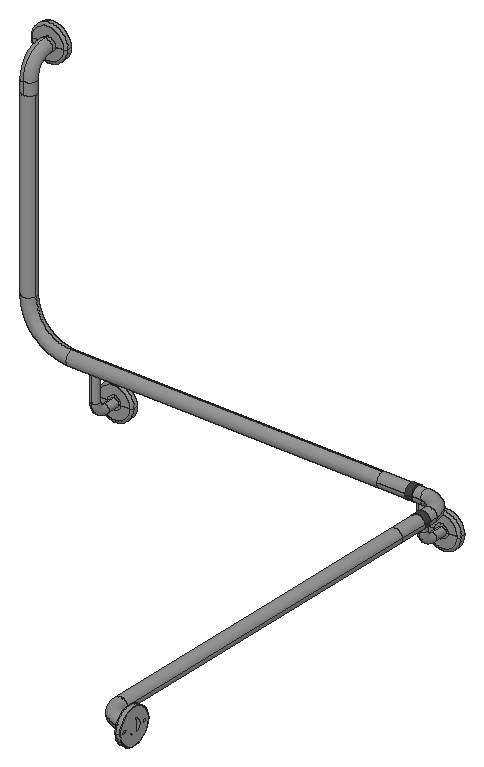
Revit family "RBA4091-113", category Plumbing Fixtures, Revit 2021
Family settings
  Round Connector Dimension = Use Diameter
  Part Type = Normal
  Work Plane-Based = No
  Always vertical = Yes
  Cut with Voids When Loaded = No
  Shared = No
  Room Calculation Point = No
Parameters (values of type "RBA4091-113")
  Watermarked By = "www.rba.com.au"
  URL = "www.rba.com.au"
  R_Void [instance] = 15.00 mm
  R [instance] = 0.00 mm
  Phone Number = ""
  Modified Issue = "20190108.01"
  Model = "RBA4091-113"
  Materials and Finishes = Stainless Steel, Satin Finish
  Manufacturer Model = ""
  Manufacturer = "RBA Group"
  Description = "Modular 90° Wraparound Grab Rail, Right Hand"
  Default Elevation = 0.00 mm
  Copyright by = "RBA Group"  # constant formula
  Assembly Code = ""
Reference planes
  plane 1 "Center (Front/Back)": y = 0
  plane 2: z = 0
  plane 3: z = -100
  plane 4: z = -100
  plane 5: x = -754.5
  plane 6: z = 600
  plane 7: z = 16
  plane 8: z = -16
  plane 9: y = -71
  plane 10: y = -87
  plane 11: y = -55
  plane 12: y = -80.5
  plane 13: y = -61.5
  plane 14: z = 570
  plane 15: z = 630
  plane 16: x = -1834.5
  plane 17: x = -1774.5
  plane 18: z = -130
  plane 19: z = -70
  plane 20: x = -851.5
  plane 21: x = -911.5
  plane 22: x = -825.5
  plane 23: x = -809.5
  plane 24: x = -841.5
  plane 25: z = -30
  plane 26: z = 30
  plane 27: y = -1105
  plane 28: y = -1045
  plane 29: x = -1804.5
  plane 30: z = -130
  plane 31: z = -70
  plane 32: x = -1619.5
  plane 33: x = -1679.5
  plane 34: x = -1788.5
  plane 35: x = -901.2
  plane 36: y = -1075
  plane 37: y = -146.7
Forms (mm)
  Extrusion 1, solid, material "Stainless Steel, Satin Finish" <- "Materials and Finishes"
    sketch origin (-1804.5, -2.628, 915.907) x (0, 0, -1) y (-1, 0, 0)
      loop
        circle (315.907, 0) r 40
    from -0.219 to 2.628
  Extrusion 2, void
    sketch origin (-1804.5, 34.941, 915.907) x (0, 0, -1) y (-1, 0, 0)
      loop
        circle (315.907, 30) r 5
      loop
        circle (315.907, -30) r 5
    from -37.788 to -30
  Extrusion 3, solid, material "Stainless Steel, Satin Finish" <- "Materials and Finishes"
    sketch origin (-1804.5, -2.628, 915.907) x (0, 0, -1) y (-1, 0, 0)
      loop
        circle (315.907, 0) r 40
    from -0.219 to 2.628
  Extrusion 4, solid, material "Stainless Steel, Satin Finish" <- "Materials and Finishes"
    sketch origin (-1804.5, -2.628, 915.907) x (0, 0, -1) y (-1, 0, 0)
      loop
        circle (315.907, 0) r 40
    from -0.219 to 2.628
  Sweep 5, solid, material "Stainless Steel, Satin Finish" <- "Materials and Finishes"
    path origin (-1104.5, 12.454, 600) x (0, -1, 0) y (0, 0, 1)
      loop
        line (12.454, 0) -> (35.454, 0)
        arc (35.454, 0) -> (69.395, -14.059) -> (83.454, -48) r 48
        line (83.454, -48) -> (83.454, -76)
    profile origin (-1104.5, -11.5, 600) x (0, 0, 1) y (-1, 0, 0)
      loop
        circle (0, 700) r 16
  Revolve 6, solid, material "Stainless Steel, Satin Finish" <- "Materials and Finishes"
    sketch origin (-1804.5, 18.663, 600) x (0, -1, 0) y (1, 0, 0)
      loop
        line (18.663, 0) -> (33.326, 0) -> (33.326, 16) -> (32.842, 36.617)
        arc (32.842, 36.617) -> (31.337, 40.077) -> (27.844, 41.5) r 5
        line (27.844, 41.5) -> (18.663, 41.5) -> (18.663, 0)
      axis (18.663, 0) -> (33.326, 0)
    angle from 0 to 360
  Extrusion 7, solid, material "Stainless Steel, Satin Finish" <- "Materials and Finishes"
    sketch origin (-881.5, -2.628, 215.907) x (0, 0, -1) y (-1, 0, 0)
      loop
        circle (315.907, 0) r 40
    from -0.219 to 2.628
  Revolve 8, solid, material "Stainless Steel, Satin Finish" <- "Materials and Finishes"
    sketch origin (-881.5, 18.663, -100) x (0, -1, 0) y (1, 0, 0)
      loop
        line (18.663, 0) -> (18.663, -41.5) -> (27.844, -41.5)
        arc (27.844, -41.5) -> (31.337, -40.077) -> (32.842, -36.617) r 5
        line (32.842, -36.617) -> (33.326, -16) -> (33.326, 0) -> (18.663, 0)
      axis (18.663, 0) -> (33.326, 0)
    angle from 0 to 360
  Sweep 9, solid, material "Stainless Steel, Satin Finish" <- "Materials and Finishes"
    path origin (-881.5, 12.454, -100) x (0, -1, 0) y (0, 0, -1)
      loop
        line (12.454, 0) -> (55.454, 0)
        arc (55.454, 0) -> (75.253, -8.201) -> (83.454, -28) r 28
        line (83.454, -28) -> (83.454, -100)
    profile origin (-881.5, -21.5, -100) x (0, 0, -1) y (1, 0, 0)
      loop
        circle (0, 0) r 9.5
  Extrusion 10, void
    sketch origin (-881.5, 34.941, 215.907) x (0, 0, -1) y (-1, 0, 0)
      loop
        circle (315.907, -30) r 5
      loop
        circle (315.907, 30) r 5
    from -37.788 to -30
  Revolve 11, solid, material "Stainless Steel, Satin Finish" <- "Materials and Finishes"
    sketch origin (-735.837, -1075, 0) x (-1, 0, 0) y (0, -1, 0)
      loop
        line (18.663, 0) -> (18.663, -41.5) -> (27.844, -41.5)
        arc (27.844, -41.5) -> (31.337, -40.077) -> (32.842, -36.617) r 5
        line (32.842, -36.617) -> (33.326, -16) -> (33.326, 0) -> (18.663, 0)
      axis (18.663, 0) -> (33.326, 0)
    angle from 0 to 360
  Sweep 12, solid, material "Stainless Steel, Satin Finish" <- "Materials and Finishes"
    path origin (-742.046, -1075, 0) x (-1, 0, 0) y (0, -1, 0)
      loop
        line (12.454, 0) -> (35.454, 0)
        arc (35.454, 0) -> (69.395, -14.059) -> (83.454, -48) r 48
        line (83.454, -48) -> (83.454, -854)
    profile origin (-766, -1075, 0) x (0, -1, 0) y (0, 0, 1)
      loop
        circle (0, 0) r 16
  Extrusion 13, solid, material "Stainless Steel, Satin Finish" <- "Materials and Finishes"
    sketch origin (-757.128, -1075, 315.907) x (0, 0, -1) y (0, 1, 0)
      loop
        circle (315.907, 0) r 40
    from -0.219 to 2.628
  Extrusion 14, void
    sketch origin (-719.559, -1075, 315.907) x (0, 0, -1) y (0, 1, 0)
      loop
        circle (315.907, -30) r 5
      loop
        circle (315.907, 30) r 5
    from -37.788 to -34.941
  Extrusion 15, solid, material "Stainless Steel, Satin Finish" <- "Materials and Finishes"
    sketch origin (-757.128, -1075, 315.907) x (0, 0, -1) y (0, 1, 0)
      loop
        circle (315.907, 0) r 40
    from -0.219 to 2.628
  Sweep 16, solid, material "Stainless Steel, Satin Finish" <- "Materials and Finishes"
    path origin (-1509, 0, 0) x (-1, 0, 0) y (0, 0, -1)
      loop
        line (295.5, -524) -> (295.5, -100)
        arc (295.5, -100) -> (266.211, -29.289) -> (195.5, 0) r 100
        line (195.5, 0) -> (-533.5, 0)
    profile origin (-1804.5, 0, 312) x (0, -1, 0) y (1, 0, 0)
      loop
        circle (71, 0) r 16
  Sweep 17, solid, material "Stainless Steel, Satin Finish" <- "Materials and Finishes"
    path origin (-1509, 0, 0) x (-1, 0, 0) y (0, -1, 0)
      loop
        line (-683.5, 221) -> (-683.5, 119)
        arc (-683.5, 119) -> (-669.441, 85.059) -> (-635.5, 71) r 48
        line (-635.5, 71) -> (-533.5, 71)
    profile origin (-839.559, -85.059, 0) x (-0.707107, -0.707107, 0) y (0, 0, 1)
      loop
        circle (0, 0) r 16
  Revolve 18, solid, material "Stainless Steel, Black"
    sketch origin (-1505.837, 0, 0) x (-1, 0, 0) y (0, -1, 0)
      loop
        line (-612.137, 54) -> (-597.137, 54) -> (-597.137, 71) -> (-612.137, 71) -> (-612.137, 54)
      axis (-612.137, 71) -> (-597.137, 71)
    angle from 0 to 360
  Revolve 19, solid, material "Stainless Steel, Black"
    sketch origin (-754.5, 457.937, 0) x (0, 1, 0) y (-1, 0, 0)
      loop
        line (-612.137, 54) -> (-597.137, 54) -> (-597.137, 71) -> (-612.137, 71) -> (-612.137, 54)
      axis (-612.137, 71) -> (-597.137, 71)
    angle from 0 to 360
  Extrusion 20, solid, material "Stainless Steel, Satin Finish" <- "Materials and Finishes"
    sketch origin (-1649.5, -2.628, 215.907) x (0, 0, -1) y (-1, 0, 0)
      loop
        circle (315.907, 0) r 40
    from -0.219 to 2.628
  Revolve 21, solid, material "Stainless Steel, Satin Finish" <- "Materials and Finishes"
    sketch origin (-1649.5, 18.663, -100) x (0, -1, 0) y (1, 0, 0)
      loop
        line (18.663, 0) -> (18.663, -41.5) -> (27.844, -41.5)
        arc (27.844, -41.5) -> (31.337, -40.077) -> (32.842, -36.617) r 5
        line (32.842, -36.617) -> (33.326, -16) -> (33.326, 0) -> (18.663, 0)
      axis (18.663, 0) -> (33.326, 0)
    angle from 0 to 360
  Sweep 22, solid, material "Stainless Steel, Satin Finish" <- "Materials and Finishes"
    path origin (-1649.5, 12.454, -100) x (0, -1, 0) y (0, 0, -1)
      loop
        line (12.454, 0) -> (55.454, 0)
        arc (55.454, 0) -> (75.253, -8.201) -> (83.454, -28) r 28
        line (83.454, -28) -> (83.454, -100)
    profile origin (-1649.5, -21.5, -100) x (0, 0, -1) y (1, 0, 0)
      loop
        circle (0, 0) r 9.5
  Extrusion 23, void
    sketch origin (-1649.5, 34.941, 215.907) x (0, 0, -1) y (-1, 0, 0)
      loop
        circle (315.907, -30) r 5
      loop
        circle (315.907, 30) r 5
    from -37.788 to -30
Cuts and joins
  Extrusion 2 cuts Extrusion 1
  Extrusion 2 cuts Extrusion 3
  Extrusion 2 cuts Extrusion 4
  Extrusion 2 cuts Revolve 6
  Extrusion 10 cuts Extrusion 7
  Extrusion 14 cuts Revolve 11
  Extrusion 14 cuts Extrusion 13
  Extrusion 14 cuts Extrusion 15
  Extrusion 23 cuts Extrusion 20
  Extrusion 10 cuts Revolve 8
  Extrusion 23 cuts Revolve 21
  joined: Sweep 5, Revolve 8, Sweep 9, Sweep 12, Sweep 16, Sweep 17, Revolve 21, Sweep 22
Dimensions and locks
  plane 15 to plane 14 = 60.00 mm
  plane 16 to plane 17 = 60.00 mm
  Revolve 6 sketch curve to Revolve 6 sketch curve = 41.50 mm
  Revolve 8 sketch curve to Revolve 8 sketch curve = 41.50 mm
  plane 19 to plane 18 = 60.00 mm
  plane 21 to plane 20 = 60.00 mm
  Revolve 11 sketch curve to Revolve 11 sketch curve = 41.50 mm
  plane 26 to plane 25 = 60.00 mm
  plane 28 to plane 27 = 60.00 mm
  Revolve 21 sketch curve to Revolve 21 sketch curve = 41.50 mm
  plane 31 to plane 30 = 60.00 mm
  plane 33 to plane 32 = 60.00 mm
  radius of Extrusion 1 sketch curve = 40.00 mm
  radius of Extrusion 3 sketch curve = 40.00 mm
  radius of Extrusion 4 sketch curve = 40.00 mm
  radius of Sweep 5 sketch curve = 16.00 mm
  radius of Extrusion 7 sketch curve = 40.00 mm
  radius of Sweep 9 sketch curve = 9.50 mm
  radius of Sweep 12 sketch curve = 16.00 mm
  radius of Extrusion 13 sketch curve = 40.00 mm
  radius of Extrusion 15 sketch curve = 40.00 mm
  radius of Extrusion 20 sketch curve = 40.00 mm
  radius of Sweep 22 sketch curve = 9.50 mm
  aligned and locked: Revolve 8 to Extrusion 7
  aligned and locked: Revolve 21 to Extrusion 20
